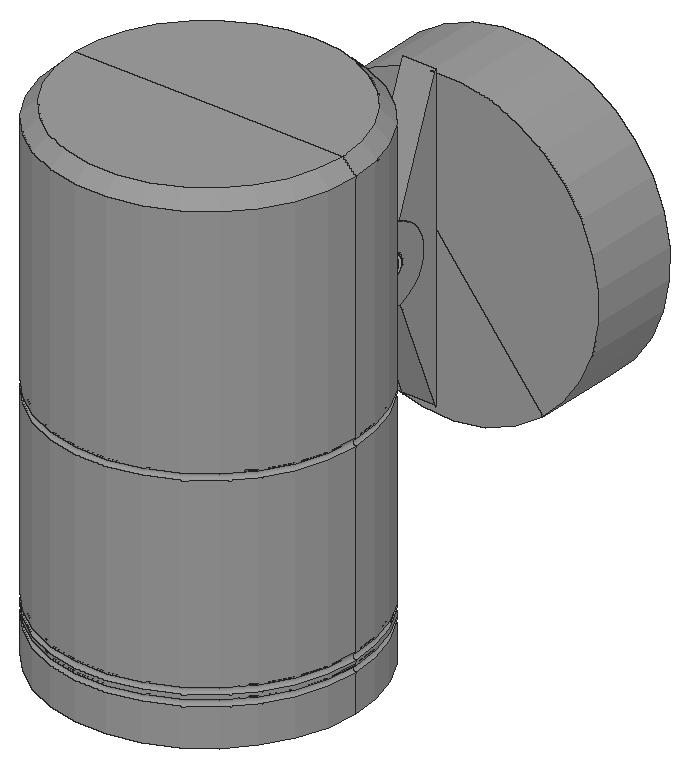
Revit family "LED WALL TUBE 03_LK0327WW.24", category Luminarias, Revit 2019
Family settings
  Cota de conector redondo = Diámetro de uso
  Tipo de pieza = Normal
  Se basa en plano de trabajo = Sí
  Siempre vertical = No
  Corte con vacíos al cargar = No
  Origen de luz = Sí
  Compartido = No
  Punto de cálculo de habitación = No
Parameters (values of type "LED WALL TUBE 03_LK0327WW.24")
  Ángulo de inclinación = 60.00°
  Zone [instance] = ""
  Watt per fixture = 12.6
  Wattage = 12.6 W
  built-in parameter 1150107 = 3000 (stored number, unit not read)
  built-in parameter 1150110 = 1 (stored number, unit not read)
  built-in parameter 1150109 = 1 (stored number, unit not read)
  built-in parameter 1150112 = 1 (stored number, unit not read)
  built-in parameter 1150113 = 1 (stored number, unit not read)
  built-in parameter 1114218 = 1 (stored number, unit not read)
  Keynote = ""
  built-in parameter 1150137 = (empty or 0)
  built-in parameter 1150132 = (empty or 0)
  Modelo = "LK0327WW.24"
  Lámpara = "NICHIA"
  built-in parameter 1150105 = 76.073 (stored number, unit not read)
  built-in parameter 1150102 = (empty or 0)
  built-in parameter 1150106 = 0.76073 (stored number, unit not read)
  Lumens = 955.962 lm
  Color Filter = 16777215
  built-in parameter 1114217 = 1 (stored number, unit not read)
  built-in parameter 1150139 = (empty or 0)
  Fabricante = "BRILLANT"
  Default Elevation = 0 mm
  built-in parameter 1150104 = 7.0486 (stored number, unit not read)
  Descripción = "LUMINARIA DIRIGIBLE (28 GRADOS POSITIVOS Y NEGATIVOS) TIPO ARBOTANTE, DE MATERIAL DE ALUMINIO FUNDIDO A PRESION, CUBIERTO CON POLVO GRIS OSCURO Y VIDRIO TEMPLADO DE 4MM CON UN PESO DE 1KG, CON 4 LED TIPO NICHIA CON UNA POTENCIA TOTAL DE 12.6W, 956 LUMENES, TEMPERATURA EN BLANCO CALIDO 3000K, IRC 80, IP 66, APERTURA DE  24 GRADOS EN STOCK, CORRIENTE DE OPERACIÓN 107mA, CABLE DE 2M, ALIMENTADO A 100-277VAC"
  built-in parameter 1150115 = 1 (stored number, unit not read)
  built-in parameter 1150114 = 1 (stored number, unit not read)
  Comentarios de vataje = "100-277V"
  built-in parameter 1150138 = (empty or 0)
  built-in parameter 1150134 = (empty or 0)
  Circuit [instance] = ""
  Dimming Lamp Color Temperature Shift = (empty or 0)
  Archivo de red fotométrica = "LK0327WW.IES"
  built-in parameter 1150133 = 10 (stored number, unit not read)
Reference planes
  plane 1 "Centro (Frontal/Posterior)": y = 0
  plane 2: z = 0
  plane 3 "Centro (Izquierda/Derecha)": x = 0
Forms (mm)
  Revolve 1, solid, material "Cristal", not visible
    sketch origin (-152, 0, 0) x (0, 1, 0) y (0, 0, -1)
      loop
        line (0, -8.749) -> (0, -7.25) -> (-1.499, -7.25)
        arc (-1.499, -7.25) -> (-1.06, -8.31) -> (0, -8.749) r 1.499
      axis (0, -7.25) -> (-1.499, -7.25)
    angle from 0 to 360
  Revolve 2, solid, material "Cristal", not visible
    sketch origin (-136, 0, 0) x (0, 1, 0) y (0, 0, -1)
      loop
        line (0, -8.749) -> (0, -7.25) -> (-1.499, -7.25)
        arc (-1.499, -7.25) -> (-1.06, -8.31) -> (0, -8.749) r 1.499
      axis (0, -7.25) -> (-1.499, -7.25)
    angle from 0 to 360
  Revolve 3, solid, material "Cristal", not visible
    sketch origin (-120, 0, 0) x (0, 1, 0) y (0, 0, -1)
      loop
        line (0, -8.749) -> (0, -7.25) -> (-1.499, -7.25)
        arc (-1.499, -7.25) -> (-1.06, -8.31) -> (0, -8.749) r 1.499
      axis (0, -7.25) -> (-1.499, -7.25)
    angle from 0 to 360
  Revolve 4, solid, material "Cristal", not visible
    sketch origin (-104, 0, 0) x (0, 1, 0) y (0, 0, -1)
      loop
        line (0, -8.749) -> (0, -7.25) -> (-1.499, -7.25)
        arc (-1.499, -7.25) -> (-1.06, -8.31) -> (0, -8.749) r 1.499
      axis (0, -7.25) -> (-1.499, -7.25)
    angle from 0 to 360
  Revolve 5, solid, material "Cristal", not visible
    sketch origin (-88, 0, 0) x (0, 1, 0) y (0, 0, -1)
      loop
        line (0, -8.749) -> (0, -7.25) -> (-1.499, -7.25)
        arc (-1.499, -7.25) -> (-1.06, -8.31) -> (0, -8.749) r 1.499
      axis (0, -7.25) -> (-1.499, -7.25)
    angle from 0 to 360
  Revolve 6, solid, material "Cristal", not visible
    sketch origin (-72, 0, 0) x (0, 1, 0) y (0, 0, -1)
      loop
        line (0, -8.749) -> (0, -7.25) -> (-1.499, -7.25)
        arc (-1.499, -7.25) -> (-1.06, -8.31) -> (0, -8.749) r 1.499
      axis (0, -7.25) -> (-1.499, -7.25)
    angle from 0 to 360
  Revolve 7, solid, material "Cristal", not visible
    sketch origin (-56, 0, 0) x (0, 1, 0) y (0, 0, -1)
      loop
        line (0, -8.749) -> (0, -7.25) -> (-1.499, -7.25)
        arc (-1.499, -7.25) -> (-1.06, -8.31) -> (0, -8.749) r 1.499
      axis (0, -7.25) -> (-1.499, -7.25)
    angle from 0 to 360
  Revolve 8, solid, material "Cristal", not visible
    sketch origin (-40, 0, 0) x (0, 1, 0) y (0, 0, -1)
      loop
        line (0, -8.749) -> (0, -7.25) -> (-1.499, -7.25)
        arc (-1.499, -7.25) -> (-1.06, -8.31) -> (0, -8.749) r 1.499
      axis (0, -7.25) -> (-1.499, -7.25)
    angle from 0 to 360
  Revolve 9, solid, material "Cristal", not visible
    sketch origin (-24, 0, 0) x (0, 1, 0) y (0, 0, -1)
      loop
        line (0, -8.749) -> (0, -7.25) -> (-1.499, -7.25)
        arc (-1.499, -7.25) -> (-1.06, -8.31) -> (0, -8.749) r 1.499
      axis (0, -7.25) -> (-1.499, -7.25)
    angle from 0 to 360
  Revolve 10, solid, material "Cristal", not visible
    sketch origin (-8, 0, 0) x (0, 1, 0) y (0, 0, -1)
      loop
        line (0, -8.749) -> (0, -7.25) -> (-1.499, -7.25)
        arc (-1.499, -7.25) -> (-1.06, -8.31) -> (0, -8.749) r 1.499
      axis (0, -7.25) -> (-1.499, -7.25)
    angle from 0 to 360
  Revolve 11, solid, material "Cristal", not visible
    sketch origin (8, 0, 0) x (0, 1, 0) y (0, 0, -1)
      loop
        line (0, -8.749) -> (0, -7.25) -> (-1.499, -7.25)
        arc (-1.499, -7.25) -> (-1.06, -8.31) -> (0, -8.749) r 1.499
      axis (0, -7.25) -> (-1.499, -7.25)
    angle from 0 to 360
  Revolve 12, solid, material "Cristal", not visible
    sketch origin (24, 0, 0) x (0, 1, 0) y (0, 0, -1)
      loop
        line (0, -8.749) -> (0, -7.25) -> (-1.499, -7.25)
        arc (-1.499, -7.25) -> (-1.06, -8.31) -> (0, -8.749) r 1.499
      axis (0, -7.25) -> (-1.499, -7.25)
    angle from 0 to 360
  Revolve 13, solid, material "Cristal", not visible
    sketch origin (40, 0, 0) x (0, 1, 0) y (0, 0, -1)
      loop
        line (0, -8.749) -> (0, -7.25) -> (-1.499, -7.25)
        arc (-1.499, -7.25) -> (-1.06, -8.31) -> (0, -8.749) r 1.499
      axis (0, -7.25) -> (-1.499, -7.25)
    angle from 0 to 360
  Revolve 14, solid, material "Cristal", not visible
    sketch origin (56, 0, 0) x (0, 1, 0) y (0, 0, -1)
      loop
        line (0, -8.749) -> (0, -7.25) -> (-1.499, -7.25)
        arc (-1.499, -7.25) -> (-1.06, -8.31) -> (0, -8.749) r 1.499
      axis (0, -7.25) -> (-1.499, -7.25)
    angle from 0 to 360
  Revolve 15, solid, material "Cristal", not visible
    sketch origin (72, 0, 0) x (0, 1, 0) y (0, 0, -1)
      loop
        line (0, -8.749) -> (0, -7.25) -> (-1.499, -7.25)
        arc (-1.499, -7.25) -> (-1.06, -8.31) -> (0, -8.749) r 1.499
      axis (0, -7.25) -> (-1.499, -7.25)
    angle from 0 to 360
  Revolve 16, solid, material "Cristal", not visible
    sketch origin (88, 0, 0) x (0, 1, 0) y (0, 0, -1)
      loop
        line (0, -8.749) -> (0, -7.25) -> (-1.499, -7.25)
        arc (-1.499, -7.25) -> (-1.06, -8.31) -> (0, -8.749) r 1.499
      axis (0, -7.25) -> (-1.499, -7.25)
    angle from 0 to 360
  Revolve 17, solid, material "Cristal", not visible
    sketch origin (104, 0, 0) x (0, 1, 0) y (0, 0, -1)
      loop
        line (0, -8.749) -> (0, -7.25) -> (-1.499, -7.25)
        arc (-1.499, -7.25) -> (-1.06, -8.31) -> (0, -8.749) r 1.499
      axis (0, -7.25) -> (-1.499, -7.25)
    angle from 0 to 360
  Revolve 18, solid, material "Cristal", not visible
    sketch origin (120, 0, 0) x (0, 1, 0) y (0, 0, -1)
      loop
        line (0, -8.749) -> (0, -7.25) -> (-1.499, -7.25)
        arc (-1.499, -7.25) -> (-1.06, -8.31) -> (0, -8.749) r 1.499
      axis (0, -7.25) -> (-1.499, -7.25)
    angle from 0 to 360
  Revolve 19, solid, material "Cristal", not visible
    sketch origin (136, 0, 0) x (0, 1, 0) y (0, 0, -1)
      loop
        line (0, -8.749) -> (0, -7.25) -> (-1.499, -7.25)
        arc (-1.499, -7.25) -> (-1.06, -8.31) -> (0, -8.749) r 1.499
      axis (0, -7.25) -> (-1.499, -7.25)
    angle from 0 to 360
  Revolve 20, solid, material "Cristal", not visible
    sketch origin (152, 0, 0) x (0, 1, 0) y (0, 0, -1)
      loop
        line (0, -8.749) -> (0, -7.25) -> (-1.499, -7.25)
        arc (-1.499, -7.25) -> (-1.06, -8.31) -> (0, -8.749) r 1.499
      axis (0, -7.25) -> (-1.499, -7.25)
    angle from 0 to 360
  Revolve 21, solid, material "Aluminio"
    sketch origin (0, -91.494, 128.923) x (-1, 0, 0) y (0, 0, 1)
      loop
        line (0, 0) -> (-34.861, 0) -> (-38.427, -3.566) -> (-38.427, -64.797)
        arc (-38.427, -64.797) -> (-37.584, -65.639) -> (-38.427, -66.482) r 0.843
        line (-38.427, -66.482) -> (-38.427, -114.797)
        arc (-38.427, -114.797) -> (-37.584, -115.639) -> (-38.427, -116.482) r 0.843
        line (-38.427, -116.482) -> (-38.427, -117.609)
        arc (-38.427, -117.609) -> (-37.584, -118.452) -> (-38.427, -119.294) r 0.843
        line (-38.427, -119.294) -> (-38.427, -128.923) -> (-33.427, -128.923) -> (-30.991, -126.487) -> (-30.991, -120.325) -> (0, -120.325) -> (0, 0)
      axis (0, 0) -> (0, -128.923)
    angle from 0 to 360
  Revolve 22, solid, material "Aluminio"
    sketch origin (31.278, 0, 38.261) x (-0.62932, 0, 0.777146) y (0, -1, 0)
      loop
        line (78.411, 0) -> (78.411, 23) -> (38.411, 23) -> (38.411, 18) -> (77.004, 18) -> (77.004, 0) -> (78.411, 0)
      axis (38.411, 23) -> (38.411, 0)
    angle from 0 to 360
  Extrusion 23, solid, material "Aluminio"
    sketch origin (-1.9, 0, 18.891) x (0, 0, 1) y (0, -1, 0)
      loop
        circle (50.065, 37.838) r 10
      loop
        circle (50.065, 37.838) r 3.259
    from -3.1 to 6.9
  Extrusion 24, solid, material "Aluminio"
    sketch origin (-19.671, 0, 12.598) x (0, 0, 1) y (0, -1, 0)
      loop
        line (95.803, 22.75) -> (63.583, 35.658) -> (63.583, 40.158) -> (95.803, 53.733) -> (16.913, 53.733) -> (49.133, 40.158) -> (49.133, 35.658) -> (16.913, 22.75) -> (95.803, 22.75)
    from 15.32 to 24.022
  Extrusion 25, solid, material "Cristal"
    sketch origin (0, 0, 0) x (1, 0, 0) y (0, 1, 0)
      loop
        circle (0, -91.494) r 30.991
    from 2.436 to 2.939
  Extrusion 26, solid, material "Acero Inoxidable"
    sketch origin (-5.692, 0, 17.549) x (0, 0, 1) y (0, -1, 0)
      loop
        circle (51.408, 37.838) r 2.844
      loop
        line (53.768, 37.838) -> (52.588, 39.882) -> (50.227, 39.882) -> (49.047, 37.838) -> (50.227, 35.794) -> (52.588, 35.794) -> (53.768, 37.838)
    from 0.692 to 10.692
Dimensions and locks
  equal spacing: Extrusion 24, plane 3 "Centro (Izquierda/Derecha)", Extrusion 24
  equal spacing: Extrusion 23, plane 3 "Centro (Izquierda/Derecha)", Extrusion 23
  aligned and locked: level to plane 2
Automatic sketch dimensions
  plane 1 "Centro (Frontal/Posterior)" to Revolve 22 sketch curve = 0 mm
  plane 1 "Centro (Frontal/Posterior)" to Revolve 22 sketch curve = 18 mm
  Revolve 22 sketch curve to Revolve 22 sketch curve = 38.593 mm
  Revolve 22 sketch curve to Revolve 22 sketch curve = 1.407 mm
  Revolve 22 sketch curve to Revolve 22 sketch curve = 5 mm
  Revolve 22 sketch curve to Revolve 22 sketch curve = 0 mm  (x2)
  Revolve 22 sketch curve to plane 1 "Centro (Frontal/Posterior)" = 17 mm
  Extrusion 23 sketch curve to Extrusion 23 sketch curve = 0 mm  (x2)
  level to Extrusion 23 sketch curve = 68.956 mm
  plane 1 "Centro (Frontal/Posterior)" to Extrusion 23 sketch curve = 37.838 mm
  level to Extrusion 24 sketch curve = 29.511 mm  (x2)
  Extrusion 24 sketch curve to Extrusion 24 sketch curve = 32.221 mm  (x2)
  Extrusion 24 sketch curve to Extrusion 24 sketch curve = 14.449 mm
  plane 1 "Centro (Frontal/Posterior)" to Extrusion 24 sketch curve = 53.733 mm
  plane 1 "Centro (Frontal/Posterior)" to Extrusion 24 sketch curve = 22.75 mm
  Extrusion 24 sketch curve to Extrusion 24 sketch curve = 0 mm  (x2)
  Extrusion 24 sketch curve to Extrusion 24 sketch curve = 12.908 mm
  Extrusion 24 sketch curve to Extrusion 24 sketch curve = 4.501 mm  (x2)
  Extrusion 25 sketch curve to plane 3 "Centro (Izquierda/Derecha)" = 0 mm
  plane 1 "Centro (Frontal/Posterior)" to Extrusion 25 sketch curve = 91.494 mm
  Revolve 21 sketch curve to level = 0 mm
  Revolve 21 sketch curve to plane 3 "Centro (Izquierda/Derecha)" = 0 mm  (x2)
  level to Revolve 21 sketch curve = 2.436 mm
  plane 3 "Centro (Izquierda/Derecha)" to Revolve 21 sketch curve = 30.991 mm
  Revolve 21 sketch curve to Revolve 21 sketch curve = 2.436 mm
  Revolve 21 sketch curve to Revolve 21 sketch curve = 34.861 mm
  plane 3 "Centro (Izquierda/Derecha)" to Revolve 21 sketch curve = 38.427 mm
  level to Revolve 21 sketch curve = 8.598 mm
  Revolve 21 sketch curve to Revolve 21 sketch curve = 1.031 mm
  Revolve 21 sketch curve to Revolve 21 sketch curve = 0.843 mm  (x3)
  Revolve 21 sketch curve to Revolve 21 sketch curve = 1.127 mm
  Revolve 21 sketch curve to Revolve 21 sketch curve = 48.315 mm
  Revolve 21 sketch curve to Revolve 21 sketch curve = 61.231 mm
  Revolve 21 sketch curve to Revolve 21 sketch curve = 3.566 mm
  Revolve 21 sketch curve to level = 76.402 mm
  Revolve 21 sketch curve to Revolve 21 sketch curve = 0 mm
  level to Extrusion 26 sketch curve = 68.956 mm
  plane 1 "Centro (Frontal/Posterior)" to Extrusion 26 sketch curve = 37.838 mm
  radius of Extrusion 23 sketch curve = 10 mm
  radius of Extrusion 23 sketch curve = 3.259 mm
  radius of Extrusion 25 sketch curve = 30.991 mm
  radius of Extrusion 26 sketch curve = 2.844 mm
Connectors
  electrical at (7.105, 0, 68.112)
    settings: on Revolve 22, index 1, voltage 277 V, apparent load 0 VA, apparent load phase1 0 VA, apparent load phase2 0 VA, apparent load phase3 0 VA, power factor 1, load classification "Otro", number of poles 1, system type 31, power factor state 1, is connector primary yes, connector utility no, sub classification motor no, connector description ""
